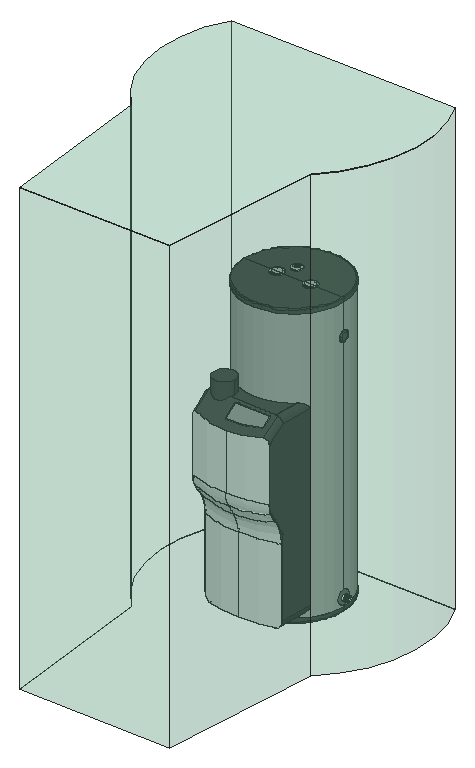
Revit family "Innovo  BENL_IR 32 285 BENL LP", category Mechanical Equipment, Revit 2015
Parameters (values of type "IR-32-285 BENL LP")
  Werkruimte Radius = Diameter + 170 mm  # 780 mm
  Werkruimte Hoogte = Hoogte + 1000 mm  # 2745 mm
  Werkruimte Afstand Voor = 1000 mm
  Werkruimte [instance] = yes
  Voorzorgsmaatregelen tijdens montage, installatie of onderhoud = "zie Gebruikers, Installatie, Service en Onderhouds handleiding"  # constant formula
  Voltage = 230 V  # constant formula
  Verpakkingslengte = 946 mm  # constant formula
  Verpakkingshoogte = 1895 mm
  Verpakkingsbreedte = 786 mm  # constant formula
  Uitsluitend werkend in daluren = no
  Uitschakeldruk LDS < = "210"
  Type aanduiding = "IR-32-285"
  Transportgewicht = 153 kg
  Totaal Gewicht = 438 kg
  Stilstandsverlies - dagelijks (24u) = 0 W
  Stilstandsverlies = 0 W
  Standaard Afgesteld op = "G20/G25"
  Stand Regelthermostaat = 65 °C  # constant formula
  Soort Verpakking = "Karton en Hout"  # constant formula
  Slimme controlefunctie = no
  Setpoint thermostaat = 65 °C  # constant formula
  Seizoens Rendement (Hs) = [Rendement (Hs, vlgs. NEN-EN 89 - 1999)]  # 96
  Rendement (Hs, vlgs. NEN-EN 89 - 1999) = 96
  Rendement (Hi, vlgs. NEN-EN 89 - 1999) = 107
  Produktspecificaties Link = ""
  Produkthandleiding Link = ""
  Produkt Model Nummer (EAN-nummer) = "8717449286316"
  Onderhoudsinterval = "12 maanden"  # constant formula
  Nominale Belasting (Onderwaarde) = "29000.0/24100.0"
  Nominale Belasting (Bovenwaarde) = "32200.0/26800.0"
  Nominaal Vermogen = "31000.0/25800.0"
  NOx-uitstoot mg/kWh = "37.0/27.0"
  NOx-uitstoot (lucht vrij, 0% O2) ppm = "24.0/17.0"
  Min. Stand Regelthermostaat = 40 °C  # constant formula
  Max. Werkdruk = 800000.0 Pa
  Max. Stand Regelthermostaat = 85 °C  # constant formula
  Max. Rookgastemperatuur = 65 °C
  Ledig Gewicht = 136 kg
  Kraan Hoogte 02 = if(and(Hoogte = 1745 mm, Diameter = 675 mm), 1518 mm, if(and(Hoogte = 1745 mm, Diameter = 610 mm), 1534 mm, if(Hoogte = 1545 mm, 1328 mm, 1070 mm)))  # 1534 mm
  Kraan Hoogte 01 = if(and(Diameter > 560 mm), 693 mm, 604 mm)  # 693 mm
  URL = "www.aosmith.be"
  Tapcapaciteit bij ΔT = 70°C  na 90 min. = 770.0 L
  Tapcapaciteit bij ΔT = 70°C  na 60 min. = 580.0 L
  Tapcapaciteit bij ΔT = 70°C  na 30 min. = 390.0 L
  Tapcapaciteit bij ΔT = 70°C  na 120 min. = 960.0 L
  Tapcapaciteit bij ΔT = 55°C  na 90 min. = 1000.0 L
  Tapcapaciteit bij ΔT = 55°C  na 60 min. = 760.0 L
  Tapcapaciteit bij ΔT = 55°C  na 30 min. = 520.0 L
  Tapcapaciteit bij ΔT = 55°C  na 120 min. = 1300.0 L
  Tapcapaciteit bij ΔT = 50°C  na 90 min. = 1200.0 L
  Tapcapaciteit bij ΔT = 50°C  na 60 min. = 840.0 L
  Tapcapaciteit bij ΔT = 50°C  na 30 min. = 570.0 L
  Tapcapaciteit bij ΔT = 50°C na 120 min. = 1400.0 L
  Tapcapaciteit bij ΔT = 44°C na 120 min. = 1300.0 L
  Tapcapaciteit bij ΔT = 44°C  na 90 min. = 960.0 L
  Tapcapaciteit bij ΔT = 44°C  na 60 min. = 660.0 L
  Tapcapaciteit bij ΔT = 44°C  na 30 min. = 1600.0 L
  Tapcapaciteit bij ΔT = 28°C na 90 min. = 2100.0 L
  Tapcapaciteit bij ΔT = 28°C na 60 min. = 1600.0 L
  Tapcapaciteit bij ΔT = 28°C na 30 min. = 1100.0 L
  Tapcapaciteit bij ΔT = 28°C na 120 min. = 2500.0 L
  Tapcapaciteit Continu bij ΔT = 70°C = 380.0 L/s
  Tapcapaciteit Continu bij ΔT = 55°C = 490.0 L/s
  Tapcapaciteit Continu bij ΔT = 50°C = 540.0 L/s
  Tapcapaciteit Continu bij ΔT = 44°C = 610.0 L/s
  Tapcapaciteit Continu bij ΔT = 28°C = 960.0 L/s
  Opwarmtijd bij ΔT = 70°C = "38"
  Opwarmtijd bij ΔT = 55°C = "30"
  Opwarmtijd bij ΔT = 50°C = "27"
  Opwarmtijd bij ΔT = 44°C = "24"
  Opwarmtijd bij ΔT = 28°C = "16"
  Model = "IR-32-285 BENL NAT"
  Manufacturer = "A.O. Smith Water Products Company b.v."  # constant formula
  Length = 780 mm  # constant formula
  Jaarlijks elektriciteitsverbruik (2) = "-"
  Jaarlijks elektriciteitsverbruik (1) = "48 kWh"
  Jaarlijks brandstofverbruik (2) = "-"
  Jaarlijks brandstofverbruik (1) = "21 GJ GCV"
  Isolatiedikte = 44 mm
  Installatie Typen = "B23/C13/C33/C43/C53/C63"  # constant formula
  Inhoud = 285.0 L
  Hoogte Warm Water Uitlaat = 1745 mm
  Hoogte Rookgasafvoer = 1350 mm
  Hoogte Lucht Inlaat = 1350 mm
  Hoogte Koud Water Inlaat = 170 mm
  Hoogte Gas Aansluiting = 905 mm
  Hoogte = 1745 mm
  Handelsmerk = "A.O. Smith"  # constant formula
  Geluidsniveau dB (A) = "<45"  # constant formula
  Geluidsniveau binnen = "58 dB"
  Gasverbruik - Volume ltr/hr = "3.10/3.00"
  Gasverbruik - Massa kg/h = "n.v.t."
  Gascategorie = "I2E(S)B"  # constant formula
  Gas Voordruk = "2000/2500 Pa"
  Gas Aansluiting = 15"  # constant formula
  Garrantie op Tank = "36 maanden"  # constant formula
  Garrantie op Onderdelen = "12 maanden"  # constant formula
  Frequentie = 50 Hz  # constant formula
  Fase = 1
  Fabrikantnummer = "E 7110"  # constant formula
  Energie-efficiëntieklasse voor waterverwarming (2) = "-"
  Energie-efficiëntieklasse voor waterverwarming (1) = "A"  # constant formula
  Energie-efficiëntie voor waterverwarming (2) = "-"
  Energie-efficiëntie voor waterverwarming (1) = "90%"
  Elektrisch Vermogen (piek) = 105 W
  Elektrisch Vermogen (nominaal) = 85 W
  Diameter Schoorsteen - parallel systeem = "2x80"  # constant formula
  Diameter Schoorsteen - concentrisch systeem = "80/125 mm/mm"  # constant formula
  Diameter Schoorsteen - boiler = "80/125 mm/mm"  # constant formula
  Diameter = 610 mm
  Description = "Condenserende Hoog Rendementsboiler"  # constant formula
  Created By = "http://www.cadcompany.nl/"
  Capaciteitsprofiel = "XXL"
  CO2-uitstoot (tol. +/- 1.0) vol% = "9.3/7.5"
  CE-PIN = "0063CQ3037"  # constant formula
  Breedte = Diameter  # 610 mm
  Bestemming / Land = "BelgIë"  # constant formula
  BIM Content Developer = "CAD & Company"  # constant formula
  Assembly Code = "D3010"
  Ander capaciteitsprofiel = "-"
  Aansluiting Warm Water = 1"
  Aansluiting T&P = 1"
  Aansluiting Koud Water = 3/4"  # constant formula
  Aansluiting Condensafvoer = 40 mm  # constant formula
  Aansluiting Aftapkraan = 3/4"  # constant formula
  2e Onderhoud (algeheel onderhoud) = "12 maanden na installatie"  # constant formula
  1e Onderhoud (check-up) = "3 maanden na installatie"  # constant formula
Reference planes
  plane 1 "Center (Front/Back)": y = 0
  plane 2: z = 0
  plane 3 "Center (Left/Right)": x = 0
  plane 4 "Pipe": through (-383.901, 912.349, 194.799) normal (-0.0879, -0.0879, 0.9923)
  plane 5 "footing": y = 118.925
  plane 6 "footing front": y = -237.85
  plane 7: x = -305
  plane 8: x = 305
  plane 9: z = 1745
Forms (mm)
  Revolve 1, solid, material "RAL 9005", detail levels medium+fine
    sketch origin (0, -237.85, 0) x (-1, 0, 0) y (0, 0, 1)
      loop
        line (0, 28.9) -> (-15, 28.9) -> (-15, 26.4) -> (-8.671, 26.4) -> (-8.671, 18) -> (-5.686, 18) -> (-6.626, 17.06) -> (-6.626, 12.06) -> (-8.671, 12.06) -> (-8.671, 10) -> (-10.031, 10) -> (-23.271, 5.181)
        arc (-23.271, 5.181) -> (-23.763, 4.836) -> (-24.017, 4.293) r 1.159
        line (-24.017, 4.293) -> (-24.017, 1.03)
        arc (-24.017, 1.03) -> (-23.715, 0.302) -> (-22.986, 0) r 1.03
        line (-22.986, 0) -> (0, 0) -> (0, 28.9)
      axis (0, 28.9) -> (0, 0)
    angle from 0 to 360
  Revolve 2, solid, material "RAL 9005", detail levels medium+fine
    sketch origin (0, 118.925, 0) x (-1, 0, 0) y (0, 0, 1)
      loop
        line (-205.984, 28.9) -> (-220.984, 28.9) -> (-220.984, 26.4) -> (-214.655, 26.4) -> (-214.655, 18) -> (-211.67, 18) -> (-212.61, 17.06) -> (-212.61, 12.06) -> (-214.655, 12.06) -> (-214.655, 10) -> (-216.015, 10) -> (-229.256, 5.181)
        arc (-229.256, 5.181) -> (-229.747, 4.836) -> (-230.001, 4.293) r 1.159
        line (-230.001, 4.293) -> (-230.001, 1.03)
        arc (-230.001, 1.03) -> (-229.699, 0.302) -> (-228.971, 0) r 1.03
        line (-228.971, 0) -> (-205.984, 0) -> (-205.984, 28.9)
      axis (-205.984, 28.9) -> (-205.984, 0)
    angle from 0 to 360
  Revolve 3, solid, material "RAL 9005", detail levels medium+fine
    sketch origin (0, 118.925, 0) x (-1, 0, 0) y (0, 0, 1)
      loop
        line (204.016, 28.9) -> (189.016, 28.9) -> (189.016, 26.4) -> (195.345, 26.4) -> (195.345, 18) -> (198.33, 18) -> (197.39, 17.06) -> (197.39, 12.06) -> (195.345, 12.06) -> (195.345, 10) -> (193.985, 10) -> (180.744, 5.181)
        arc (180.744, 5.181) -> (180.253, 4.836) -> (179.999, 4.293) r 1.159
        line (179.999, 4.293) -> (179.999, 1.03)
        arc (179.999, 1.03) -> (180.301, 0.302) -> (181.029, 0) r 1.03
        line (181.029, 0) -> (204.016, 0) -> (204.016, 28.9)
      axis (204.016, 28.9) -> (204.016, 0)
    angle from 0 to 360
Lines and regions (mm)
  symbolic lines
    curve 1: line (0, 280.06, 0) -> (0, -280.06, 0)
    curve 2: line (-280.06, 0, 0) -> (280.06, 0, 0)
  symbolic lines, style "Workspace"
    curve 3: line (681.142, 380.06, 0) -> (-681.142, 380.06, 0)
    curve 4: arc (-681.142, 380.06, 0) -> (-777.325, -64.546, 0) -> (-609.127, -487.2, 0) r 780
    curve 5: line (-609.127, -487.2, 0) -> (-421.783, -1517.825, 0)
    curve 6: line (-421.783, -1517.825, 0) -> (424.03, -1517.825, 0)
    curve 7: line (424.03, -1517.825, 0) -> (611.027, -484.816, 0)
    curve 8: arc (611.027, -484.816, 0) -> (777.449, -63.027, 0) -> (681.142, 380.06, 0) r 780
Dimensions and locks
  plane 5 "footing" to plane 1 "Center (Front/Back)" = 118.925 mm
  plane 1 "Center (Front/Back)" to plane 6 "footing front" = 237.85 mm
  "Diameter": plane 7 to plane 8
  equal spacing: plane 7, plane 3 "Center (Left/Right)", plane 8
  "Hoogte": plane 9 to plane 2
  "Werkruimte Afstand Voor": curve 6 to nested 3
  "Werkruimte Radius": radius of curve 4
  "Werkruimte Radius": radius of curve 8
  aligned and locked: level to plane 2
  aligned and locked: nested 3 to Revolve 1 sketch curve
  aligned and locked: plane 3 "Center (Left/Right)" to Revolve 1 sketch curve
  aligned and locked: nested 3 to plane 1 "Center (Front/Back)"
  aligned and locked: plane 3 "Center (Left/Right)" to nested 3
  aligned and locked: nested 1 to plane 8
  aligned and locked: nested 5 to plane 8
  aligned and locked: nested 2 to plane 7
  aligned and locked: nested 4 to plane 7
  aligned and locked: nested 7 to plane 7
  aligned and locked: nested 8 to plane 3 "Center (Left/Right)"
  aligned and locked: nested 8 to nested 3
  aligned and locked: curve 3 to nested 8
Automatic sketch dimensions
  Revolve 1 sketch curve to level = 0 mm
  plane 3 "Center (Left/Right)" to Revolve 1 sketch curve = 5.686 mm
  Revolve 1 sketch curve to Revolve 1 sketch curve = 0.94 mm  (x2)
  Revolve 1 sketch curve to Revolve 1 sketch curve = 2.046 mm  (x2)
  Revolve 1 sketch curve to Revolve 1 sketch curve = 1.359 mm
  Revolve 1 sketch curve to Revolve 1 sketch curve = 6.329 mm
  level to Revolve 1 sketch curve = 4.091 mm
  Revolve 1 sketch curve to Revolve 1 sketch curve = 12.844 mm
  level to Revolve 1 sketch curve = 1.03 mm
  Revolve 1 sketch curve to Revolve 1 sketch curve = 0.111 mm
  level to Revolve 1 sketch curve = 5.181 mm
  Revolve 1 sketch curve to Revolve 1 sketch curve = 0.745 mm
  level to Revolve 1 sketch curve = 10 mm
  Revolve 1 sketch curve to Revolve 1 sketch curve = 2.06 mm
  Revolve 1 sketch curve to Revolve 1 sketch curve = 5 mm
  Revolve 1 sketch curve to Revolve 1 sketch curve = 8.4 mm
  Revolve 1 sketch curve to Revolve 1 sketch curve = 2.5 mm
  Revolve 1 sketch curve to level = 19.635 mm
  Revolve 1 sketch curve to Revolve 1 sketch curve = 46.465 mm
  Revolve 2 sketch curve to level = 0 mm
  level to Revolve 2 sketch curve = 1.03 mm
  Revolve 2 sketch curve to plane 8 = 74.999 mm
  level to Revolve 2 sketch curve = 5.181 mm
  Revolve 2 sketch curve to Revolve 2 sketch curve = 0.745 mm
  Revolve 2 sketch curve to Revolve 2 sketch curve = 0.397 mm
  Revolve 2 sketch curve to Revolve 2 sketch curve = 8.271 mm
  Revolve 2 sketch curve to Revolve 2 sketch curve = 13.241 mm
  Revolve 2 sketch curve to Revolve 2 sketch curve = 1.359 mm
  Revolve 2 sketch curve to Revolve 2 sketch curve = 6.329 mm
  Revolve 2 sketch curve to Revolve 2 sketch curve = 2.046 mm
  level to Revolve 2 sketch curve = 18 mm
  Revolve 2 sketch curve to Revolve 2 sketch curve = 0.94 mm  (x2)
  Revolve 2 sketch curve to Revolve 2 sketch curve = 8.671 mm
  Revolve 2 sketch curve to Revolve 2 sketch curve = 1.089 mm
  Revolve 2 sketch curve to Revolve 2 sketch curve = 8 mm
  Revolve 2 sketch curve to Revolve 2 sketch curve = 2.06 mm
  Revolve 2 sketch curve to Revolve 2 sketch curve = 8.4 mm
  Revolve 2 sketch curve to Revolve 2 sketch curve = 2.5 mm
  Revolve 2 sketch curve to Revolve 2 sketch curve = 0 mm
  Revolve 2 sketch curve to level = 19.635 mm
  Revolve 2 sketch curve to Revolve 2 sketch curve = 46.465 mm
  Revolve 3 sketch curve to level = 0 mm
  level to Revolve 3 sketch curve = 1.03 mm
  Revolve 3 sketch curve to plane 7 = 125.001 mm
  level to Revolve 3 sketch curve = 5.181 mm
  Revolve 3 sketch curve to Revolve 3 sketch curve = 0.745 mm
  Revolve 3 sketch curve to Revolve 3 sketch curve = 0.397 mm
  Revolve 3 sketch curve to Revolve 3 sketch curve = 8.271 mm
  Revolve 3 sketch curve to Revolve 3 sketch curve = 13.241 mm
  Revolve 3 sketch curve to Revolve 3 sketch curve = 1.359 mm
  Revolve 3 sketch curve to Revolve 3 sketch curve = 6.329 mm
  Revolve 3 sketch curve to Revolve 3 sketch curve = 2.046 mm
  level to Revolve 3 sketch curve = 18 mm
  Revolve 3 sketch curve to Revolve 3 sketch curve = 0.94 mm  (x2)
  Revolve 3 sketch curve to Revolve 3 sketch curve = 8.671 mm
  Revolve 3 sketch curve to Revolve 3 sketch curve = 1.089 mm
  Revolve 3 sketch curve to Revolve 3 sketch curve = 8 mm
  Revolve 3 sketch curve to Revolve 3 sketch curve = 2.06 mm
  Revolve 3 sketch curve to Revolve 3 sketch curve = 8.4 mm
  Revolve 3 sketch curve to Revolve 3 sketch curve = 2.5 mm
  Revolve 3 sketch curve to Revolve 3 sketch curve = 0 mm
  Revolve 3 sketch curve to level = 19.635 mm
  Revolve 3 sketch curve to Revolve 3 sketch curve = 46.465 mm
  curve 4 to curve 8 = 0 mm  (x2)
  plane 1 "Center (Front/Back)" to curve 2 = 0 mm
  curve 1 to plane 3 "Center (Left/Right)" = 0 mm
  plane 1 "Center (Front/Back)" to curve 4 = 0 mm
  curve 4 to plane 3 "Center (Left/Right)" = 0 mm
  curve 5 to plane 6 "footing front" = 249.35 mm
  plane 7 to curve 5 = 116.783 mm
  plane 8 to curve 7 = 119.03 mm
  curve 7 to plane 6 "footing front" = 246.966 mm
  curve 2 to plane 7 = 24.94 mm
  curve 2 to plane 8 = 24.94 mm
  curve 1 to plane 6 "footing front" = 42.21 mm
  plane 5 "footing" to curve 1 = 161.135 mm
Nested families
  nested 1: "Valve" at (305, -0.38, 1534) x (0, 1, 0) z (0, 0, 1), built-in parameter 1001364 <- "Kraan Hoogte 02", type "Valve"
  nested 2: "Drain Valve" at (-305, 0, 1534), built-in parameter 1001364 <- "Kraan Hoogte 02", type "Drain Valve"
  nested 3: "Housing Mother Housing S 57 (external)" at (0, -299.886, 0), type "Housing Mother_Housing S_57"
    with radius 305 mm, distance to boiler center 154 mm, diameter 610 mm
  nested 4: "Drain Valve" at (-305, 0, 177), type "Drain Valve"
  nested 5: "Drain Valve" at (305, 0, 107) x (-1, 0, 0) z (0, 0, 1), type "Drain Valve"
  nested 6: "Boiler" at (0, 0, 0), height <- "Hoogte", type "Boiler"
    with height 1745 mm, radius 305 mm, Diameter 610 mm
  nested 7: "Drain Valve" at (-305, 0, 693), built-in parameter 1001364 <- "Kraan Hoogte 01", type "Drain Valve"
  nested 8: "Innovo_workspace" at (0, 0, 0), Workspace <- "Werkruimte", Workspace Distance Front <- "Werkruimte Afstand Voor", Workspace Height <- "Werkruimte Hoogte", Workspace Radius <- "Werkruimte Radius", type "Workspace"
    with Workspace Radius 780 mm, Workspace Height 2745 mm, Workspace Distance Front 1000 mm, Workspace yes, Center to Front 517.825 mm
Connectors
  piping at (339.826, 0, 107), diameter 19.05, driven by "Aansluiting Aftapkraan"
    settings: on nested 5, index 1, connector inside diameter 24", connector length 0 mm, flow factor 0, pipe flow 0.0 L/s, pressure drop 0.0 Pa, fitting loss kfactor 0, connector angle 0.00°, fixture units 0, engagement length 0 mm, angle of deflection 0.00°, flow configuration 0, flow direction 0, fitting loss method 0, system type 19, joint type 0, gender type 0, connector reference index -1, connector utility 0, adjustable connector no, is connector primary yes, connector description ""
  hvac at (-147.013, -346.326, 1310.674)
    settings: on nested 3, index 2, duct flow 0.0 L/s, flow factor 0, pres drop 0.0 Pa, loss coef 0, conn angle 0.00°, conn width 304.8 mm, conn height 304.8 mm, conn diameter 125 mm, duct sys type 4, conn prof type 0, flow config 0, flow direction 0, loss method 0, conn ref index -1, conn util no, is conn primary yes, conn desc ""
Definition of nested family "Valve"
  Parameters (values of type "Valve")
    Type Comments = "T&P valve (internal)"
    Manufacturer = "A.O. Smith"
  Reference planes
    plane 1 "Center (Front/Back)": y = 0
    plane 2: z = 0
    plane 3 "Center (Left/Right)": x = 0
  Forms (mm)
    Extrusion 1, solid, detail levels fine
      sketch origin (0, 0, 0) x (1, 0, 0) y (0, 0, 1)
        loop
          circle (0, 0) r 31.5
      from -2.271 to 1.4
    Sweep 2, solid, detail levels fine
      path origin (0, -1.4, 0) x (1, 0, 0) y (0, 0, 1)
        loop
          circle (0, 0) r 31.5
      profile origin (0, -1.4, 31.5) x (0, 0, -1) y (0, -1, 0)
        loop
          line (7.3, 0) -> (7.3, 3) -> (0, 0) -> (7.3, 0)
  Dimensions and locks
    aligned and locked: level to plane 2
Definition of nested family "Drain Valve"
  Reference planes
    plane 1 "Center (Front/Back)": y = 0
    plane 2: z = 0
    plane 3 "Center (Left/Right)": x = 0
  Forms (mm)
    Revolve 1, solid, detail levels medium+fine
      sketch origin (0, 0, 0) x (1, 0, 0) y (0, 0, 1)
        loop
          line (-33.442, 15.696) -> (-34.826, 14.329) -> (-34.93, 12.731) -> (-16.555, 12.731) -> (-16.555, 0) -> (15.787, 0) -> (15.787, 18.3) -> (-14.4, 18.3) -> (-17.148, 15.533) -> (-18.729, 16.697) -> (-20.091, 15.333) -> (-21.672, 16.496) -> (-23.034, 15.133) -> (-24.614, 16.296) -> (-25.976, 14.932) -> (-27.557, 16.096) -> (-28.919, 14.732) -> (-30.5, 15.896) -> (-31.862, 14.532) -> (-33.442, 15.696)
        axis (-34.93, 0) -> (15.787, 0)
      angle from 0 to 360
  Dimensions and locks
    aligned and locked: level to plane 2
  Nested families
    nested 1: "Rubber sealing" at (2.592, -0.155, 0) x (0.0023, -1, 0) z (0, 0, 1), type "Rubber sealing", detail levels fine
  Definition of nested family "Rubber sealing"
    Reference planes
      plane 1 "Center (Front/Back)": y = 0
      plane 2: z = 0
      plane 3 "Center (Left/Right)": x = 0
    Forms (mm)
      Extrusion 1, solid, detail levels fine
        sketch origin (141.861, 319.581, 0) x (1, 0, 0) y (0, 1, 0)
          loop
            line (-216.354, -311.898) -> (-216.354, -313.94)
            arc (-216.354, -313.94) -> (-141.602, -321.581) -> (-66.861, -313.835) r 366.966
            line (-66.861, -313.835) -> (-66.861, -311.791)
            arc (-66.861, -311.791) -> (-141.602, -319.581) -> (-216.354, -311.898) r 364.966
        from -80 to 80
      Extrusion 2, void
        sketch origin (141.861, 319.581, 0) x (1, 0, 0) y (0, 0, 1)
          loop
            circle (-141.861, 0) r 13
          loop
            circle (-141.861, 0) r 110
          loop
            circle (-141.861, 0) r 40
        from 311.563 to 332.684
      Extrusion 3, void
        sketch origin (141.861, 319.581, 0) x (1, 0, 0) y (0, 0, 1)
          loop
            circle (-141.861, 0) r 18.25
        from 315.524 to 326.084
    Cuts and joins
      Extrusion 2, Extrusion 3 cuts Extrusion 1
    Dimensions and locks
      aligned and locked: level to plane 2
Definition of nested family "Housing Mother Housing S 57 (external)"
  Parameters (values of type "Housing Mother_Housing S_57")
    radius [instance] = 280 mm
    distance to boiler center = if(diameter = 675 mm, 189 mm, if(diameter = 610 mm, 154 mm, 129 mm))  # 129 mm
    diameter = 560 mm
  Reference planes
    plane 1 "Center (Front/Back)": y = 0
    plane 2: z = 0
    plane 3 "Center (Left/Right)": x = 0
    plane 4 "left": through (-245.286, 145.886, 1200) normal (0.9994, 0.0349, 0)
    plane 5: y = -217.939
    plane 6: y = 145.886
    plane 7: z = 1232.6
    plane 8: z = 65.89
    plane 9 "right": through (245.286, 145.886, 1200) normal (0.9994, -0.0349, 0)
    plane 10 "display": through (0, -90.37, 1221.196) normal (0, -0.5736, 0.8192)
    plane 11 "Potentiostat": z = 867.899
    plane 12 "boiler center": y = 274.886
    plane 13: x = -280
    plane 14: x = 280
  Forms (mm)
    Extrusion 1, solid
      sketch origin (0, 0, 0) x (1, 0, 0) y (0, 1, 0)
        loop
          line (-245.286, 145.886) -> (-232.581, -217.939) -> (232.581, -217.939) -> (245.286, 145.886)
          arc (245.286, 145.886) -> (0, 0.923) -> (-245.286, 145.886) r 280
      from 0 to 1232.6
    Sweep 2, void
      path origin (0, 0, 0) x (0, 1, 0) y (0, 0, 1)
        loop
          line (-217.939, 1232.6) -> (-217.939, 795.555)
          arc (-217.939, 795.555) -> (-212.387, 754.285) -> (-197.694, 715.322) r 183.924
          arc (-197.694, 715.322) -> (-179.915, 684.628) -> (-159.106, 655.901) r 348.284
          arc (-159.106, 655.901) -> (-131.411, 600.328) -> (-121.88, 538.973) r 202.254
          line (-121.88, 538.973) -> (-121.88, 61.106)
      profile origin (0, -217.939, 1014.077) x (1, 0, 0) y (0, 1, 0)
        loop
          arc (0, 0) -> (-117.533, 9.941) -> (-231.728, 39.475) r 699.984
          arc (-231.728, 39.475) -> (-233.391, 40.705) -> (-234.07, 42.659) r 3.505
          line (-234.07, 42.659) -> (-254.062, 42.659) -> (-254.062, -142.593) -> (254.07, -142.593) -> (254.07, 42.659) -> (234.07, 42.659)
          arc (234.07, 42.659) -> (233.391, 40.705) -> (231.728, 39.475) r 3.505
          arc (231.728, 39.475) -> (117.533, 9.941) -> (0, 0) r 699.984
    Extrusion 3, void
      sketch origin (0, 0, 0) x (0, 1, 0) y (0, 0, 1)
        loop
          arc (102.864, 70.869) -> (99.804, 70.709) -> (96.874, 69.813) r 12.57
          arc (96.874, 69.813) -> (87.878, 66.533) -> (78.516, 64.529) r 69.114
          arc (78.516, 64.529) -> (76.41, 64.284) -> (74.294, 64.148) r 41.206
          arc (74.294, 64.148) -> (65.203, 64.335) -> (56.122, 64.782) r 318.661
          arc (56.122, 64.782) -> (30.585, 66.179) -> (5.028, 67.128) r 1456.581
          line (5.028, 67.128) -> (-84.534, 73.135)
          arc (-84.534, 73.135) -> (-86.363, 73.808) -> (-87.536, 75.365) r 3.455
          line (-87.536, 75.365) -> (-264.473, 75.365) -> (-264.473, 0) -> (160.886, 0) -> (160.886, 103.945) -> (145.886, 103.945)
          arc (145.886, 103.945) -> (145.104, 97.827) -> (142.923, 92.059) r 26.364
          arc (142.923, 92.059) -> (141.067, 88.936) -> (138.867, 86.045) r 31.715
          arc (138.867, 86.045) -> (135.576, 82.49) -> (132.021, 79.2) r 62.615
          arc (132.021, 79.2) -> (125.841, 74.697) -> (119.091, 71.103) r 54.444
          arc (119.091, 71.103) -> (116.371, 70.272) -> (113.531, 70.123) r 11.669
          line (113.531, 70.123) -> (102.864, 70.869)
      from -254.062 to 254.07
    Sweep 4, void
      path origin (0, 0, 0) x (1, 0, 0) y (0, 1, 0)
        loop
          line (-245.286, 145.886) -> (-232.581, -217.939)
      profile origin (-238.933, -36.027, 0) x (0.999391, 0.034899, 0) y (0, 0, 1)
        loop
          line (-4.454, 0) -> (47.084, 0) -> (47.084, 73.431)
          arc (47.084, 73.431) -> (14.222, 85.134) -> (0.255, 117.1) r 43.922
          line (0.255, 117.1) -> (-4.454, 117.1) -> (-4.454, 0)
    Sweep 5, void
      path origin (0, 0, 0) x (-1, 0, 0) y (0, 1, 0)
        loop
          line (-245.286, 145.886) -> (-232.581, -217.939)
      profile origin (238.933, -36.027, 0) x (0.999391, -0.034899, 0) y (0, 0, 1)
        loop
          line (4.454, 0) -> (4.454, 117.1) -> (-0.255, 117.1)
          arc (-0.255, 117.1) -> (-14.222, 85.134) -> (-47.084, 73.431) r 43.922
          line (-47.084, 73.431) -> (-47.084, 0) -> (4.454, 0)
    Sweep 6, void
      path origin (-239.899, -8.377, 0) x (-0.034899, 0.999391, 0) y (0, 0, 1)
        loop
          line (-209.69, 1141.272) -> (-79.18, 1232.6) -> (154.358, 1232.6)
      profile origin (-241.211, 29.188, 1232.6) x (0, 0, 1) y (0.999391, 0.034899, 0)
        loop
          line (-45, -30) -> (75, -30) -> (75, 0) -> (75, 55) -> (2.799, 55) -> (-1.253, 35.128)
          arc (-1.253, 35.128) -> (-16.771, 9.564) -> (-45, -0.308) r 44.287
          line (-45, -0.308) -> (-45, -30)
    Sweep 7, void
      path origin (239.899, -8.377, 0) x (0.034899, 0.999391, 0) y (0, 0, 1)
        loop
          line (-209.69, 1141.272) -> (-79.18, 1232.6) -> (154.358, 1232.6)
      profile origin (241.211, 29.188, 1232.6) x (0, 0, -1) y (-0.999391, 0.034899, 0)
        loop
          line (-75, -25) -> (45, -25) -> (45, -0.308)
          arc (45, -0.308) -> (16.771, 9.564) -> (1.253, 35.128) r 44.287
          line (1.253, 35.128) -> (-2.799, 55) -> (-75, 55) -> (-75, -25)
    Extrusion 8, void
      sketch origin (0, 0, 0) x (0, 1, 0) y (0, 0, 1)
        loop
          line (-270, 1336.099) -> (-270, 1099.081) -> (68.497, 1336.099) -> (-270, 1336.099)
      from -425.038 to 444.42
    Extrusion 9, solid, detail levels medium+fine
      sketch origin (0, 0, 0) x (1, 0, 0) y (0, 1, 0)
        loop
          circle (-147.013, -46.44) r 65
      from 1163.174 to 1310.674
    Extrusion 10, void
      sketch origin (0, -603.506, 861.895) x (0, 0.819152, 0.573576) y (-1, 0, 0)
        loop
          arc (618.322, -173) -> (623.272, -170.95) -> (625.322, -166) r 7
          line (625.322, -166) -> (625.322, 35)
          arc (625.322, 35) -> (623.272, 39.95) -> (618.322, 42) r 7
          line (618.322, 42) -> (535.473, 42)
          arc (535.473, 42) -> (530.688, 40.11) -> (528.488, 35.46) r 7
          arc (528.488, 35.46) -> (531.569, -67.592) -> (554.18, -168.18) r 540
          arc (554.18, -168.18) -> (556.724, -171.668) -> (560.831, -173) r 7
          line (560.831, -173) -> (618.322, -173)
      from 0 to 137.286
    Sweep 11, solid, detail levels fine
      path origin (0, 0, 867.899) x (-1, 0, 0) y (0, -1, 0)
        loop
          line (309.749, -35.617) -> (204.371, -35.617)
          arc (204.371, -35.617) -> (196.509, -34.687) -> (189.082, -31.947) r 33.677
          line (189.082, -31.947) -> (-9.574, 69.274)
      profile origin (-257.06, 35.617, 867.899) x (0, 1, 0) y (0, 0, 1)
        loop
          circle (0, 0) r 7.316
        loop
          circle (0, 0) r 6.465
    Revolve 12, void
      sketch origin (0, 274.886, 0) x (-1, 0, 0) y (0, 0, 1)
        loop
          line (280, 1243.838) -> (0, 1243.838) -> (0, 54.9) -> (280, 54.9) -> (280, 1243.838)
        axis (0, 1243.838) -> (0, 54.9)
      angle from 0 to 360
  Cuts and joins
    Sweep 2, Extrusion 3, Sweep 4, Sweep 5, Sweep 6, Sweep 7, Extrusion 8, Extrusion 10, Revolve 12 cuts Extrusion 1
  Dimensions and locks
    plane 8 to plane 2 = 65.89 mm
    plane 7 to plane 8 = 1166.71 mm
    "distance to boiler center": plane 12 "boiler center" to plane 6
    "diameter": plane 14 to plane 13
    equal spacing: plane 14, plane 3 "Center (Left/Right)", plane 13
    "radius": plane 3 "Center (Left/Right)" to plane 13
    aligned and locked: level to plane 2
    aligned and locked: Extrusion 1 to plane 7
    aligned and locked: Extrusion 1 sketch curve to plane 5
    aligned and locked: Sweep 2 to Extrusion 3
    aligned and locked: Extrusion 3 to Sweep 2  (x2)
    aligned and locked: plane 7 to Sweep 2 sketch curve
    aligned and locked: plane 3 "Center (Left/Right)" to Revolve 12 sketch curve
    aligned and locked: Revolve 12 sketch curve to plane 3 "Center (Left/Right)"
    aligned and locked: plane 13 to Revolve 12 sketch curve
  Automatic sketch dimensions
    Extrusion 1 sketch curve to plane 4 "left" = 0 mm  (x2)
    Extrusion 1 sketch curve to plane 6 = 0 mm  (x2)
    Extrusion 1 sketch curve to plane 3 "Center (Left/Right)" = 0 mm
    Extrusion 1 sketch curve to plane 9 "right" = 0 mm
    plane 6 to Extrusion 1 sketch curve = 135.037 mm
    Sweep 2 sketch curve to plane 5 = 0 mm
    plane 5 to Sweep 2 sketch curve = 106.195 mm
    Sweep 2 sketch curve to plane 5 = 96.059 mm
    plane 1 "Center (Front/Back)" to Sweep 2 sketch curve = 34.053 mm
    plane 11 "Potentiostat" to Sweep 2 sketch curve = 6.417 mm
    Sweep 2 sketch curve to plane 6 = 33.705 mm
    Sweep 2 sketch curve to plane 11 "Potentiostat" = 68.615 mm
    Sweep 2 sketch curve to plane 11 "Potentiostat" = 72.345 mm
    Sweep 2 sketch curve to Sweep 2 sketch curve = 176.349 mm
    Sweep 2 sketch curve to Sweep 2 sketch curve = 0 mm  (x2)
    plane 8 to Sweep 2 sketch curve = 4.784 mm
    Extrusion 3 sketch curve to level = 0 mm
    Extrusion 3 sketch curve to plane 6 = 0 mm
    Extrusion 3 sketch curve to plane 6 = 26.363 mm
    Extrusion 3 sketch curve to Extrusion 3 sketch curve = 4.75 mm
    Extrusion 3 sketch curve to Extrusion 3 sketch curve = 5.179 mm
    Extrusion 3 sketch curve to plane 8 = 4.232 mm
    Extrusion 3 sketch curve to Extrusion 3 sketch curve = 0.814 mm
    Extrusion 3 sketch curve to plane 8 = 4.978 mm
    Extrusion 3 sketch curve to Extrusion 3 sketch curve = 10.667 mm
    Extrusion 3 sketch curve to Extrusion 3 sketch curve = 0.877 mm
    Extrusion 3 sketch curve to Extrusion 3 sketch curve = 17.827 mm
    Extrusion 3 sketch curve to Extrusion 3 sketch curve = 5.646 mm
    Extrusion 3 sketch curve to plane 6 = 69.562 mm
    Extrusion 3 sketch curve to Extrusion 3 sketch curve = 18.6 mm
    Extrusion 3 sketch curve to Extrusion 3 sketch curve = 22.538 mm
    Extrusion 3 sketch curve to plane 8 = 1.238 mm
    Extrusion 3 sketch curve to plane 1 "Center (Front/Back)" = 5.028 mm
    plane 1 "Center (Front/Back)" to Extrusion 3 sketch curve = 36.224 mm
    Extrusion 3 sketch curve to plane 8 = 10.692 mm
    plane 1 "Center (Front/Back)" to Extrusion 3 sketch curve = 84.302 mm
    Extrusion 3 sketch curve to plane 8 = 7.244 mm
    Extrusion 3 sketch curve to Extrusion 3 sketch curve = 0.231 mm
    Extrusion 3 sketch curve to Extrusion 3 sketch curve = 3.234 mm
    plane 5 to Extrusion 3 sketch curve = 46.534 mm
    plane 6 to Extrusion 3 sketch curve = 15 mm
    Extrusion 3 sketch curve to level = 1388.869 mm
    plane 8 to Extrusion 3 sketch curve = 7.561 mm
    Extrusion 3 sketch curve to Extrusion 3 sketch curve = 11.64 mm
    Extrusion 3 sketch curve to plane 8 = 38.054 mm
    Extrusion 3 sketch curve to Extrusion 3 sketch curve = 22.442 mm
    Extrusion 3 sketch curve to plane 8 = 39.432 mm
    Extrusion 3 sketch curve to Extrusion 3 sketch curve = 2.466 mm
    Extrusion 3 sketch curve to Extrusion 3 sketch curve = 14.17 mm
    Extrusion 3 sketch curve to Extrusion 3 sketch curve = 5.925 mm
    Extrusion 3 sketch curve to Extrusion 3 sketch curve = 6.186 mm
    Extrusion 3 sketch curve to Extrusion 3 sketch curve = 249.85 mm
    Extrusion 3 sketch curve to Extrusion 3 sketch curve = 0 mm  (x4)
    Extrusion 3 sketch curve to Extrusion 3 sketch curve = 6.845 mm
    plane 8 to Extrusion 3 sketch curve = 1.743 mm
    Sweep 4 sketch curve to plane 4 "left" = 0 mm  (x2)
    Sweep 4 sketch curve to plane 6 = 0 mm
    plane 5 to Sweep 4 sketch curve = 0 mm
    Sweep 4 sketch curve to level = 0 mm
    profile plane to Sweep 4 sketch curve = 4.454 mm
    Sweep 4 sketch curve to profile plane = 0.255 mm
    Sweep 4 sketch curve to Sweep 4 sketch curve = 43.922 mm
    Sweep 4 sketch curve to profile plane = 47.084 mm
    level to Sweep 4 sketch curve = 73.431 mm
    Sweep 4 sketch curve to Sweep 4 sketch curve = 43.669 mm
    Sweep 5 sketch curve to plane 6 = 0 mm
    Sweep 5 sketch curve to plane 9 "right" = 0 mm  (x2)
    plane 5 to Sweep 5 sketch curve = 0 mm
    Sweep 5 sketch curve to level = 0 mm
    profile plane to Sweep 5 sketch curve = 47.084 mm
    Sweep 5 sketch curve to Sweep 5 sketch curve = 2.907 mm
    profile plane to Sweep 5 sketch curve = 0.255 mm
    Sweep 5 sketch curve to profile plane = 4.454 mm
    level to Sweep 5 sketch curve = 73.431 mm
    Sweep 5 sketch curve to Sweep 5 sketch curve = 43.669 mm
    Sweep 6 sketch curve to plane 7 = 0 mm
    plane 7 to Sweep 6 sketch curve = 91.328 mm
    Sweep 6 sketch curve to Sweep 6 sketch curve = 130.509 mm
    Sweep 6 sketch curve to Sweep 6 sketch curve = 233.538 mm
    Sweep 6 sketch curve to plane 4 "left" = 0 mm
    profile plane to Sweep 6 sketch curve = 45 mm
    Sweep 6 sketch curve to Sweep 6 sketch curve = 0.354 mm
    profile plane to Sweep 6 sketch curve = 1.253 mm
    Sweep 6 sketch curve to profile plane = 2.799 mm
    Sweep 6 sketch curve to Sweep 6 sketch curve = 72.201 mm
    Sweep 6 sketch curve to plane 4 "left" = 0.308 mm
    Sweep 6 sketch curve to Sweep 6 sketch curve = 29.692 mm
    plane 4 "left" to Sweep 6 sketch curve = 35.128 mm
    plane 4 "left" to Sweep 6 sketch curve = 55 mm
    Sweep 7 sketch curve to plane 7 = 0 mm
    Sweep 7 sketch curve to plane 7 = 91.328 mm
    Sweep 7 sketch curve to Sweep 7 sketch curve = 130.509 mm
    Sweep 7 sketch curve to Sweep 7 sketch curve = 233.538 mm
    Sweep 7 sketch curve to plane 9 "right" = 25 mm
    profile plane to Sweep 7 sketch curve = 75 mm
    profile plane to Sweep 7 sketch curve = 2.799 mm
    Sweep 7 sketch curve to profile plane = 1.253 mm
    Sweep 7 sketch curve to Sweep 7 sketch curve = 43.393 mm
    Sweep 7 sketch curve to profile plane = 45 mm
    Sweep 7 sketch curve to plane 9 "right" = 0.308 mm
    plane 9 "right" to Sweep 7 sketch curve = 35.128 mm
    Sweep 7 sketch curve to Sweep 7 sketch curve = 19.872 mm
    plane 5 to Extrusion 8 sketch curve = 52.061 mm
    Extrusion 8 sketch curve to plane 1 "Center (Front/Back)" = 68.497 mm
    plane 7 to Extrusion 8 sketch curve = 133.519 mm
    Extrusion 8 sketch curve to plane 7 = 103.499 mm
    plane 1 "Center (Front/Back)" to Extrusion 9 sketch curve = 46.44 mm
    Extrusion 9 sketch curve to plane 3 "Center (Left/Right)" = 147.013 mm
    Extrusion 10 sketch curve to plane 3 "Center (Left/Right)" = 0 mm
    Extrusion 10 sketch curve to plane 3 "Center (Left/Right)" = 35 mm
    Extrusion 10 sketch curve to Extrusion 10 sketch curve = 25.359 mm
    Extrusion 10 sketch curve to Extrusion 10 sketch curve = 57.491 mm
    Extrusion 10 sketch curve to plane 3 "Center (Left/Right)" = 42 mm
    Extrusion 10 sketch curve to Extrusion 10 sketch curve = 82.85 mm
    Extrusion 10 sketch curve to Extrusion 10 sketch curve = 7 mm
    Extrusion 10 sketch curve to Extrusion 10 sketch curve = 442 mm
    plane 3 "Center (Left/Right)" to Extrusion 10 sketch curve = 166 mm
    Extrusion 10 sketch curve to Extrusion 10 sketch curve = 0 mm  (x2)
    Sweep 11 sketch curve to plane 1 "Center (Front/Back)" = 31.947 mm
    Sweep 11 sketch curve to plane 3 "Center (Left/Right)" = 189.082 mm
    Sweep 11 sketch curve to plane 1 "Center (Front/Back)" = 1.94 mm
    Sweep 11 sketch curve to Sweep 11 sketch curve = 15.289 mm
    plane 3 "Center (Left/Right)" to Sweep 11 sketch curve = 9.574 mm
    Sweep 11 sketch curve to Sweep 11 sketch curve = 105.378 mm
    plane 1 "Center (Front/Back)" to Sweep 11 sketch curve = 69.274 mm
    Sweep 11 sketch curve to Sweep 11 sketch curve = 0 mm  (x2)
    Sweep 11 sketch curve to plane 11 "Potentiostat" = 0 mm
    Sweep 11 sketch curve to profile plane = 0 mm
    plane 8 to Revolve 12 sketch curve = 10.99 mm
    Revolve 12 sketch curve to plane 7 = 11.238 mm
    Revolve 12 sketch curve to level = 366.045 mm
    Revolve 12 sketch curve to Revolve 12 sketch curve = 971.917 mm
    Sweep 2 sketch curve to plane 3 "Center (Left/Right)" = 0 mm
    profile plane to Sweep 2 sketch curve = 0 mm
    Sweep 2 sketch curve to plane 3 "Center (Left/Right)" = 0.016 mm
    Sweep 2 sketch curve to profile plane = 42.782 mm  (x2)
    Sweep 2 sketch curve to plane 3 "Center (Left/Right)" = 230.568 mm
    plane 3 "Center (Left/Right)" to Sweep 2 sketch curve = 0.016 mm
    plane 3 "Center (Left/Right)" to Sweep 2 sketch curve = 230.568 mm
    Sweep 2 sketch curve to Sweep 2 sketch curve = 3.502 mm  (x2)
    Sweep 2 sketch curve to Sweep 2 sketch curve = 20 mm
    profile plane to Sweep 2 sketch curve = 142.593 mm
    Sweep 2 sketch curve to Sweep 2 sketch curve = 0.122 mm  (x2)
    Sweep 2 sketch curve to Sweep 2 sketch curve = 657.203 mm
    Sweep 2 sketch curve to Sweep 2 sketch curve = 19.991 mm
    radius of Extrusion 9 sketch curve = 65 mm
    radius of Sweep 11 sketch curve = 7.316 mm
    radius of Sweep 11 sketch curve = 6.465 mm
  Nested families
    nested 1: "display" at (65.5, -130.939, 1192.79) x (-1, 0, 0) z (0, -0.5736, 0.8192), type "display"
  Definition of nested family "display"
    Parameters (values of type "display")
      Default Elevation = 1219.2 mm
    Reference planes
      plane 1 "Center (Front/Back)": y = 0
      plane 2: z = 0
      plane 3 "Center (Left/Right)": x = 0
    Forms (mm)
      Extrusion 1, solid, detail levels medium+fine
        sketch origin (-16.958, 11.842, -343.878) x (1, 0, 0) y (0, 0, -1)
          loop
            line (-233.523, -343.878) -> (-233.523, -346.592) -> (332.686, -346.592) -> (332.686, -343.878) -> (-233.523, -343.878)
        from -228.7 to 150.822
      Extrusion 2, void
        sketch origin (-16.958, 6.842, -343.878) x (1, 0, 0) y (0, 1, 0)
          loop
            line (-233.523, 155.822) -> (-233.523, -223.7) -> (332.686, -223.7) -> (332.686, 155.822) -> (-233.523, 155.822)
          loop
            arc (-90.542, -48.267) -> (-88.492, -53.216) -> (-83.542, -55.267) r 7
            line (-83.542, -55.267) -> (117.458, -55.267)
            arc (117.458, -55.267) -> (122.408, -53.216) -> (124.458, -48.267) r 7
            line (124.458, -48.267) -> (124.458, 34.583)
            arc (124.458, 34.583) -> (122.568, 39.368) -> (117.918, 41.568) r 7
            arc (117.918, 41.568) -> (14.866, 38.487) -> (-85.722, 15.876) r 540
            arc (-85.722, 15.876) -> (-89.21, 13.332) -> (-90.542, 9.224) r 7
            line (-90.542, 9.224) -> (-90.542, -48.267)
        from 328.878 to 363.083
    Cuts and joins
      Extrusion 2 cuts Extrusion 1
    Dimensions and locks
      aligned and locked: level to plane 2
Definition of nested family "Boiler"
  Parameters (values of type "Boiler")
    radius [instance] = 280 mm
    height [instance] = 1270 mm
    Diameter = 560 mm
  Reference planes
    plane 1 "Center (Front/Back)": y = 0
    plane 2: z = 0
    plane 3 "Center (Left/Right)": x = 0
    plane 4: z = 1243.838
    plane 5: z = 1270
    plane 6 "bottom": z = 28.9
    plane 7: z = 54.9
    plane 8 "top controle": y = 88
    plane 9: x = -280
    plane 10: x = 280
  Forms (mm)
    Revolve 1, solid
      sketch origin (0, 0, 0) x (1, 0, 0) y (0, 0, 1)
        loop
          line (0, 54.9) -> (-280, 54.9) -> (-280, 32.9)
          arc (-280, 32.9) -> (-278.828, 30.072) -> (-276, 28.9) r 4
          line (-276, 28.9) -> (0, 28.9) -> (0, 54.9)
        axis (0, 28.9) -> (0, 54.9)
      angle from 0 to 360
    Revolve 2, solid
      sketch origin (1.311, 0, 0) x (1, 0, 0) y (0, 0, 1)
        loop
          line (-278.86, 1243.838) -> (-278.86, 54.9) -> (-1.311, 54.9) -> (-1.311, 1243.838) -> (-278.86, 1243.838)
        axis (-1.311, 1243.838) -> (-1.311, 54.9)
      angle from 0 to 360
    Revolve 3, solid
      sketch origin (-9.205, 0, 377.212) x (-1, 0, 0) y (0, 0, 1)
        loop
          line (-148.904, 892.788) -> (-110.805, 892.788) -> (-110.805, 895.963) -> (-141.883, 895.963) -> (-148.904, 893.62) -> (-148.904, 892.788)
        axis (-110.805, 892.788) -> (-110.805, 895.963)
      angle from 0 to 360
    Revolve 4, solid
      sketch origin (0, 0, 718.065) x (1, 0, 0) y (0, 0, -1)
        loop
          line (0, -525.773) -> (-280, -525.773) -> (-280, -547.935)
          arc (-280, -547.935) -> (-278.828, -550.763) -> (-276, -551.935) r 4
          line (-276, -551.935) -> (0, -551.935) -> (0, -525.773)
        axis (0, -551.935) -> (0, -525.773)
      angle from 0 to 360
    Revolve 5, solid
      sketch origin (0, 88, 0) x (1, 0, 0) y (0, 0, 1)
        loop
          line (-19.051, 1270) -> (-19.051, 1271.074) -> (-32.63, 1275.604) -> (-32.63, 1271.117) -> (-37.266, 1271.117) -> (-38.383, 1270) -> (-19.051, 1270)
        axis (-50.8, 1270) -> (-50.8, 1275.604)
      angle from 0 to 360
    Revolve 6, solid
      sketch origin (-217.12, 0, 372.245) x (-1, 0, 0) y (0, 0, 1)
        loop
          line (-153.622, 897.755) -> (-115.52, 897.755) -> (-115.52, 900.93) -> (-146.626, 900.93) -> (-153.622, 898.596) -> (-153.622, 897.755)
        axis (-115.52, 897.755) -> (-115.52, 900.93)
      angle from 0 to 360
  Dimensions and locks
    "height": plane 5 to plane 2
    plane 6 "bottom" to plane 2 = 28.9 mm
    locked: plane 5 to plane 4 at 26.162
    locked: plane 1 "Center (Front/Back)" to plane 8 "top controle" at 88
    "Diameter": plane 10 to plane 9
    equal spacing: plane 10, plane 3 "Center (Left/Right)", plane 9
    "radius": plane 3 "Center (Left/Right)" to plane 9
    locked: plane 9 to Revolve 2 sketch curve at 2.452
    aligned and locked: level to plane 2
    aligned and locked: Revolve 2 sketch curve to plane 7
    aligned and locked: Revolve 2 sketch curve to plane 4
    aligned and locked: Revolve 1 sketch curve to plane 7
    aligned and locked: plane 6 "bottom" to Revolve 1 sketch curve
    aligned and locked: Revolve 4 sketch curve to plane 3 "Center (Left/Right)"
    aligned and locked: plane 5 to Revolve 4 sketch curve
    aligned and locked: Revolve 4 sketch curve to plane 4
    aligned and locked: plane 9 to Revolve 4 sketch curve
    aligned and locked: Revolve 1 sketch curve to plane 9
    aligned and locked: Revolve 2 sketch curve to plane 3 "Center (Left/Right)"
    aligned and locked: plane 3 "Center (Left/Right)" to Revolve 2 sketch curve
  Automatic sketch dimensions
    Revolve 1 sketch curve to plane 3 "Center (Left/Right)" = 0 mm  (x2)
    Revolve 1 sketch curve to Revolve 1 sketch curve = 4 mm
    Revolve 1 sketch curve to level = 40 mm
    Revolve 1 sketch curve to Revolve 1 sketch curve = 305.1 mm
    Revolve 2 sketch curve to level = 366.045 mm
    Revolve 2 sketch curve to plane 5 = 945.755 mm
    Revolve 3 sketch curve to plane 5 = 0 mm
    Revolve 3 sketch curve to plane 3 "Center (Left/Right)" = 139.699 mm
    plane 5 to Revolve 3 sketch curve = 3.175 mm
    Revolve 3 sketch curve to Revolve 3 sketch curve = 7.022 mm
    Revolve 3 sketch curve to Revolve 3 sketch curve = 31.078 mm
    Revolve 3 sketch curve to Revolve 3 sketch curve = 0.832 mm
    Revolve 3 sketch curve to Revolve 3 sketch curve = 0 mm
    Revolve 3 sketch curve to Revolve 3 sketch curve = 2.338 mm
    Revolve 3 sketch curve to Revolve 3 sketch curve = 4.487 mm
    Revolve 4 sketch curve to plane 3 "Center (Left/Right)" = 0 mm
    Revolve 4 sketch curve to Revolve 4 sketch curve = 4 mm
    Revolve 4 sketch curve to Revolve 4 sketch curve = 68.738 mm
    Revolve 4 sketch curve to Revolve 4 sketch curve = 305.1 mm
    Revolve 6 sketch curve to plane 5 = 0 mm
    plane 3 "Center (Left/Right)" to Revolve 6 sketch curve = 63.497 mm
    plane 5 to Revolve 6 sketch curve = 3.175 mm
    Revolve 6 sketch curve to Revolve 6 sketch curve = 6.997 mm
    Revolve 6 sketch curve to Revolve 6 sketch curve = 31.106 mm
    Revolve 6 sketch curve to Revolve 6 sketch curve = 0.84 mm
    Revolve 6 sketch curve to Revolve 6 sketch curve = 0 mm
    Revolve 6 sketch curve to Revolve 6 sketch curve = 7.216 mm
    Revolve 6 sketch curve to Revolve 6 sketch curve = 0.391 mm
    Revolve 5 sketch curve to Revolve 5 sketch curve = 13.578 mm
    Revolve 5 sketch curve to Revolve 5 sketch curve = 1.074 mm
    Revolve 5 sketch curve to Revolve 5 sketch curve = 12.417 mm
    Revolve 5 sketch curve to Revolve 5 sketch curve = 5.753 mm
    Revolve 5 sketch curve to plane 5 = 1.117 mm
    Revolve 5 sketch curve to Revolve 5 sketch curve = 1.117 mm
    plane 5 to Revolve 5 sketch curve = 4.396 mm
    Revolve 5 sketch curve to plane 5 = 0 mm
    Revolve 5 sketch curve to Revolve 5 sketch curve = 4.487 mm
    Revolve 5 sketch curve to plane 3 "Center (Left/Right)" = 38.383 mm
    Revolve 5 sketch curve to plane 5 = 5.604 mm
Definition of nested family "Innovo_workspace"
  Parameters (values of type "Workspace")
    Workspace Radius [instance] = 730 mm
    Workspace Height [instance] = 2270 mm
    Workspace Distance Front [instance] = 1000 mm
    Workspace [instance] = yes
    URL = "www.aosmith.nl"
    Model = ""
    Manufacturer = "A.O. Smith Water Products Company b.v."  # constant formula
    Description = ""
    Created By = ""
    Center to Front [instance] = 492.825 mm
    BIM Content Developer = "CAD & Company"  # constant formula
    Assembly Code = ""
  Reference planes
    plane 1 "Center (Front/Back)": y = 0
    plane 2: z = 0
    plane 3 "Center (Left/Right)": x = 0
    plane 4 "Pipe": through (-383.901, 912.349, 194.799) normal (-0.0879, -0.0879, 0.9923)
    plane 5 "front": y = -492.825
  Forms (mm)
    Extrusion 1, solid, visible <- "Workspace"
      sketch origin (0, 0, 0) x (1, 0, 0) y (0, 1, 0)
        loop
          line (456.53, -1492.825) -> (500.201, -531.695)
          arc (500.201, -531.695) -> (723.44, -97.643) -> (623.261, 380.06) r 730
          line (623.261, 380.06) -> (-623.261, 380.06)
          arc (-623.261, 380.06) -> (-723.227, -99.209) -> (-497.893, -533.856) r 730
          line (-497.893, -533.856) -> (-454.283, -1492.825) -> (456.53, -1492.825)
      from 0 to 2270 <- "Workspace Height"
  Lines and regions (mm)
    symbolic lines
      curve 1: line (0, 280.06, 0) -> (0, -280.06, 0)
      curve 2: line (-255.06, 0, 0) -> (255.06, 0, 0)
  Dimensions and locks
    locked: Extrusion 1 sketch curve to curve 1 at 100
    "Workspace Distance Front": plane 5 "front" to Extrusion 1
    "Center to Front": plane 1 "Center (Front/Back)" to plane 5 "front"
    "Workspace Radius": radius of Extrusion 1 sketch curve  (x2)
    aligned and locked: level to plane 2
  Automatic sketch dimensions
    plane 1 "Center (Front/Back)" to curve 2 = 0 mm
    curve 1 to plane 3 "Center (Left/Right)" = 0 mm
    plane 3 "Center (Left/Right)" to curve 2 = 255.06 mm
    curve 1 to plane 1 "Center (Front/Back)" = 280.06 mm
    curve 2 to plane 3 "Center (Left/Right)" = 255.06 mm
    plane 5 "front" to curve 1 = 212.765 mm
    Extrusion 1 sketch curve to Extrusion 1 sketch curve = 0 mm  (x2)
    plane 1 "Center (Front/Back)" to Extrusion 1 sketch curve = 0 mm
    Extrusion 1 sketch curve to plane 3 "Center (Left/Right)" = 0 mm
    Extrusion 1 sketch curve to plane 5 "front" = 41.031 mm
    Extrusion 1 sketch curve to plane 3 "Center (Left/Right)" = 454.283 mm
    plane 3 "Center (Left/Right)" to Extrusion 1 sketch curve = 456.53 mm
    Extrusion 1 sketch curve to plane 5 "front" = 38.869 mm
    Extrusion 1 sketch curve to Extrusion 1 sketch curve = 961.131 mm
